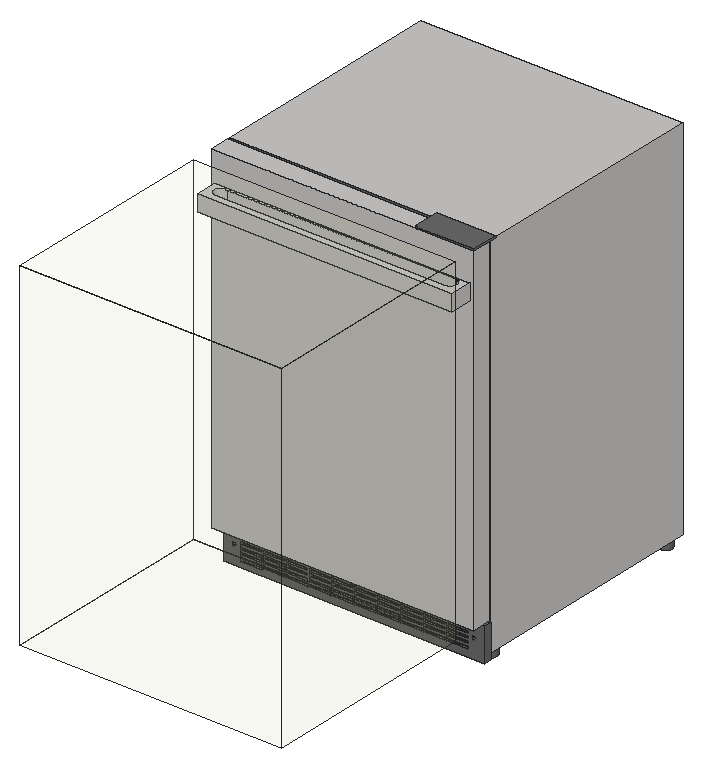
Revit family "P190780JX-257c_JURFR242HM_StainlessSteel_JA_Refrigeration_Undercounter_Specialty", category Specialty Equipment, Revit 2026
Family settings
  Round Connector Dimension = Use Diameter
  Part Type = Normal
  Work Plane-Based = No
  Enable Cutting in Views = No
  Always vertical = Yes
  Cut with Voids When Loaded = No
  Maintain Annotation Orientation = No
  Shared = No
  Room Calculation Point = No
Parameters (values of type "JURFR242HM")
  Width = 23 7/8"
  Voltage = 0 V
  URL = ""
  Show Clearance [instance] = yes
  Model = "JURFR242HM"
  Leg Material = ARCAT - Plastic - Black
  Feature 3 = ""
  Feature 2 = ""
  Feature 1 = ""
  Family Name = ""
  Energy Guide = ""
  Door Material = ARCAT - Metal - Steel - Stainless
  Manufacturer = "Jenn Air"
  Keynote = ""
  Installation-Fabrication = ""
  Height = 34 1/2"
  Handle Material = ARCAT - Metal - Steel - Stainless
  Drawn By = ""
  Dimension Guide = ""
  Description = ""
  Depth = 23 7/8"
  Default Elevation = 0"
  Copyright = ""
  Clearance Material = ARCAT - Clearance
  Body Material = ARCAT - Metal - Steel - Stainless
  Assembly Code = ""
  Amps = 0 A
  Accent Material = ARCAT - Metal - Steel - Black
Reference planes (in)
  plane 1 "Center (Front/Back)": y = 0
  plane 2: z = 0
  plane 3 "Center (Left/Right)": x = 0
  plane 4: z = 34.5
  plane 5: y = -23.875
  plane 6: x = -11.9375
  plane 7: x = 11.9375
Forms (in)
  Extrusion 1, solid, material "ARCAT - Clearance" <- "Clearance Material", visible <- "Show Clearance", detail levels medium+fine
    sketch origin (-29.02372, -21.54257, 27.5) x (1, 0, 0) y (0, 1, 0)
      loop
        line (17.08622, -4.39493) -> (17.08622, -24.26993) -> (40.96122, -24.26993) -> (40.96122, -4.39493) -> (17.08622, -4.39493)
    from -24.23432 to 6.875
  Extrusion 2, solid, material "ARCAT - Metal - Steel - Stainless" <- "Body Material"
    sketch origin (-50.28535, -180, 34.2588) x (-1, 0, 0) y (0, -1, 0)
      loop
        line (-38.34785, -180) -> (-38.34785, -158.125) -> (-62.22285, -158.125) -> (-62.22285, -180) -> (-38.34785, -180)
    from 0.1162 to -33.64345
  Extrusion 3, solid, material "ARCAT - Metal - Steel - Stainless" <- "Door Material"
    sketch origin (-50.28535, -180, 34.375) x (-1, 0, 0) y (0, -1, 0)
      loop
        line (-38.34785, -157.875) -> (-38.34785, -156.125) -> (-62.22285, -156.125) -> (-62.22285, -157.875) -> (-38.34785, -157.875)
    from 0 to -31.10932
  Extrusion 4, solid, material "ARCAT - Metal - Steel - Black" <- "Accent Material"
    sketch origin (11.9375, -21.875, 34.2588) x (-1, 0, 0) y (0, 0, -1)
      loop
        line (23.875, 31.21616) -> (23.875, 34.2588) -> (0, 34.2588) -> (0, 31.21616) -> (23.875, 31.21616)
    from 0.0625 to 0.6625
  Extrusion 5, solid, material "ARCAT - Plastic - Black" <- "Leg Material"
    sketch origin (-50.28535, -180, 0.61535) x (0, -1, 0) y (-1, 0, 0)
      loop
        circle (-158.79568, -38.84785) r 0.5
      loop
        circle (-158.79568, -61.72285) r 0.5
      loop
        circle (-178.79568, -38.84785) r 0.5
      loop
        circle (-178.79568, -61.72285) r 0.5
    from 0 to 0.61535
  Extrusion 6, void
    sketch origin (11.9375, -22.5375, 34.2588) x (1, 0, 0) y (0, 0, -1)
      loop
        line (-22.33654, 31.60951) -> (-20.35216, 31.60951) -> (-20.35216, 31.89631) -> (-22.33654, 31.89631) -> (-22.33654, 31.60951)
      loop
        line (-22.33654, 32.09559) -> (-20.35216, 32.09559) -> (-20.35216, 32.38239) -> (-22.33654, 32.38239) -> (-22.33654, 32.09559)
      loop
        line (-22.33654, 32.51917) -> (-20.35216, 32.51917) -> (-20.35216, 32.80597) -> (-22.33654, 32.80597) -> (-22.33654, 32.51917)
      loop
        line (-22.33654, 32.94276) -> (-20.35216, 32.94276) -> (-20.35216, 33.22955) -> (-22.33654, 33.22955) -> (-22.33654, 32.94276)
      loop
        line (-22.33654, 33.36634) -> (-20.35216, 33.36634) -> (-20.35216, 33.79447) -> (-22.33654, 33.79447) -> (-22.33654, 33.36634)
      loop
        line (-20.24612, 31.60951) -> (-18.26175, 31.60951) -> (-18.26175, 31.89631) -> (-20.24612, 31.89631) -> (-20.24612, 31.60951)
      loop
        line (-20.24612, 32.09559) -> (-18.26175, 32.09559) -> (-18.26175, 32.38239) -> (-20.24612, 32.38239) -> (-20.24612, 32.09559)
      loop
        line (-20.24612, 32.51917) -> (-18.26175, 32.51917) -> (-18.26175, 32.80597) -> (-20.24612, 32.80597) -> (-20.24612, 32.51917)
      loop
        line (-20.24612, 32.94276) -> (-18.26175, 32.94276) -> (-18.26175, 33.22955) -> (-20.24612, 33.22955) -> (-20.24612, 32.94276)
      loop
        line (-20.24612, 33.36634) -> (-18.26175, 33.36634) -> (-18.26175, 33.65314) -> (-20.24612, 33.65314) -> (-20.24612, 33.36634)
      loop
        line (-18.15571, 31.60951) -> (-16.17134, 31.60951) -> (-16.17134, 31.89631) -> (-18.15571, 31.89631) -> (-18.15571, 31.60951)
      loop
        line (-18.15571, 32.09559) -> (-16.17134, 32.09559) -> (-16.17134, 32.38239) -> (-18.15571, 32.38239) -> (-18.15571, 32.09559)
      loop
        line (-18.15571, 32.51917) -> (-16.17134, 32.51917) -> (-16.17134, 32.80597) -> (-18.15571, 32.80597) -> (-18.15571, 32.51917)
      loop
        line (-18.15571, 32.94276) -> (-16.17134, 32.94276) -> (-16.17134, 33.22955) -> (-18.15571, 33.22955) -> (-18.15571, 32.94276)
      loop
        line (-18.15571, 33.36634) -> (-16.17134, 33.36634) -> (-16.17134, 33.65314) -> (-18.15571, 33.65314) -> (-18.15571, 33.36634)
      loop
        line (-16.0653, 31.60951) -> (-14.08093, 31.60951) -> (-14.08093, 31.89631) -> (-16.0653, 31.89631) -> (-16.0653, 31.60951)
      loop
        line (-16.0653, 32.09559) -> (-14.08093, 32.09559) -> (-14.08093, 32.38239) -> (-16.0653, 32.38239) -> (-16.0653, 32.09559)
      loop
        line (-16.0653, 32.51917) -> (-14.08093, 32.51917) -> (-14.08093, 32.80597) -> (-16.0653, 32.80597) -> (-16.0653, 32.51917)
      loop
        line (-16.0653, 32.94276) -> (-14.08093, 32.94276) -> (-14.08093, 33.22955) -> (-16.0653, 33.22955) -> (-16.0653, 32.94276)
      loop
        line (-16.0653, 33.36634) -> (-14.08093, 33.36634) -> (-14.08093, 33.65314) -> (-16.0653, 33.65314) -> (-16.0653, 33.36634)
      loop
        line (-13.97489, 31.60951) -> (-11.99052, 31.60951) -> (-11.99052, 31.89631) -> (-13.97489, 31.89631) -> (-13.97489, 31.60951)
      loop
        line (-13.97489, 32.09559) -> (-11.99052, 32.09559) -> (-11.99052, 32.38239) -> (-13.97489, 32.38239) -> (-13.97489, 32.09559)
      loop
        line (-13.97489, 32.51917) -> (-11.99052, 32.51917) -> (-11.99052, 32.80597) -> (-13.97489, 32.80597) -> (-13.97489, 32.51917)
      loop
        line (-13.97489, 32.94276) -> (-11.99052, 32.94276) -> (-11.99052, 33.22955) -> (-13.97489, 33.22955) -> (-13.97489, 32.94276)
      loop
        line (-13.97489, 33.36634) -> (-11.99052, 33.36634) -> (-11.99052, 33.65314) -> (-13.97489, 33.65314) -> (-13.97489, 33.36634)
      loop
        line (-11.88448, 31.60951) -> (-9.90011, 31.60951) -> (-9.90011, 31.89631) -> (-11.88448, 31.89631) -> (-11.88448, 31.60951)
      loop
        line (-11.88448, 32.09559) -> (-9.90011, 32.09559) -> (-9.90011, 32.38239) -> (-11.88448, 32.38239) -> (-11.88448, 32.09559)
      loop
        line (-11.88448, 32.51917) -> (-9.90011, 32.51917) -> (-9.90011, 32.80597) -> (-11.88448, 32.80597) -> (-11.88448, 32.51917)
      loop
        line (-11.88448, 32.94276) -> (-9.90011, 32.94276) -> (-9.90011, 33.22955) -> (-11.88448, 33.22955) -> (-11.88448, 32.94276)
      loop
        line (-11.88448, 33.36634) -> (-9.90011, 33.36634) -> (-9.90011, 33.65314) -> (-11.88448, 33.65314) -> (-11.88448, 33.36634)
      loop
        line (-9.79407, 31.60951) -> (-7.8097, 31.60951) -> (-7.8097, 31.89631) -> (-9.79407, 31.89631) -> (-9.79407, 31.60951)
      loop
        line (-9.79407, 32.09559) -> (-7.8097, 32.09559) -> (-7.8097, 32.38239) -> (-9.79407, 32.38239) -> (-9.79407, 32.09559)
      loop
        line (-9.79407, 32.51917) -> (-7.8097, 32.51917) -> (-7.8097, 32.80597) -> (-9.79407, 32.80597) -> (-9.79407, 32.51917)
      loop
        line (-9.79407, 32.94276) -> (-7.8097, 32.94276) -> (-7.8097, 33.22955) -> (-9.79407, 33.22955) -> (-9.79407, 32.94276)
      loop
        line (-9.79407, 33.36634) -> (-7.8097, 33.36634) -> (-7.8097, 33.65314) -> (-9.79407, 33.65314) -> (-9.79407, 33.36634)
      loop
        line (-7.70366, 31.60951) -> (-5.71929, 31.60951) -> (-5.71929, 31.89631) -> (-7.70366, 31.89631) -> (-7.70366, 31.60951)
      loop
        line (-7.70366, 32.09559) -> (-5.71929, 32.09559) -> (-5.71929, 32.38239) -> (-7.70366, 32.38239) -> (-7.70366, 32.09559)
      loop
        line (-7.70366, 32.51917) -> (-5.71929, 32.51917) -> (-5.71929, 32.80597) -> (-7.70366, 32.80597) -> (-7.70366, 32.51917)
      loop
        line (-7.70366, 32.94276) -> (-5.71929, 32.94276) -> (-5.71929, 33.22955) -> (-7.70366, 33.22955) -> (-7.70366, 32.94276)
      loop
        line (-7.70366, 33.36634) -> (-5.71929, 33.36634) -> (-5.71929, 33.65314) -> (-7.70366, 33.65314) -> (-7.70366, 33.36634)
      loop
        line (-5.61325, 31.60951) -> (-3.62888, 31.60951) -> (-3.62888, 31.89631) -> (-5.61325, 31.89631) -> (-5.61325, 31.60951)
      loop
        line (-5.61325, 32.09559) -> (-3.62888, 32.09559) -> (-3.62888, 32.38239) -> (-5.61325, 32.38239) -> (-5.61325, 32.09559)
      loop
        line (-5.61325, 32.51917) -> (-3.62888, 32.51917) -> (-3.62888, 32.80597) -> (-5.61325, 32.80597) -> (-5.61325, 32.51917)
      loop
        line (-5.61325, 32.94276) -> (-3.62888, 32.94276) -> (-3.62888, 33.22955) -> (-5.61325, 33.22955) -> (-5.61325, 32.94276)
      loop
        line (-5.61325, 33.36634) -> (-3.62888, 33.36634) -> (-3.62888, 33.65314) -> (-5.61325, 33.65314) -> (-5.61325, 33.36634)
      loop
        line (-3.52284, 31.60951) -> (-1.53846, 31.60951) -> (-1.53846, 31.89631) -> (-3.52284, 31.89631) -> (-3.52284, 31.60951)
      loop
        line (-3.52284, 32.09559) -> (-1.53846, 32.09559) -> (-1.53846, 32.38239) -> (-3.52284, 32.38239) -> (-3.52284, 32.09559)
      loop
        line (-3.52284, 32.51917) -> (-1.53846, 32.51917) -> (-1.53846, 32.80597) -> (-3.52284, 32.80597) -> (-3.52284, 32.51917)
      loop
        line (-3.52284, 32.94276) -> (-1.53846, 32.94276) -> (-1.53846, 33.22955) -> (-3.52284, 33.22955) -> (-3.52284, 32.94276)
      loop
        line (-3.52284, 33.36634) -> (-1.53846, 33.36634) -> (-1.53846, 33.65314) -> (-3.52284, 33.65314) -> (-3.52284, 33.36634)
      loop
        circle (-22.88309, 32.51917) r 0.16482
      loop
        circle (-0.99191, 32.51917) r 0.16482
    from 0 to 0.25
  Extrusion 7, solid, material "ARCAT - Metal - Steel - Stainless" <- "Body Material"
    sketch origin (-11.9375, 0, 35.2588) x (1, 0, 0) y (0, 0, -1)
      loop
        circle (11.99052, 33.71463) r 0.25
    from 0 to 0.03125
  Extrusion 8, solid, material "ARCAT - Metal - Steel - Stainless" <- "Body Material"
    sketch origin (26.29514, -38.06443, 21.66164) x (0, 0, -1) y (0, 1, 0)
      loop
        line (-9.96408, 14.18943) -> (-9.96408, 12.12693) -> (-8.50086, 12.12693) -> (-8.50086, 14.18943) -> (-9.96408, 14.18943)
    from -37.92014 to -14.67014
  Extrusion 9, void
    sketch origin (4.875, 5.625, 38.17275) x (1, 0, 0) y (0, 1, 0)
      loop
        line (5.58099, -29.69902) -> (-15.33099, -29.69902)
        arc (-15.33099, -29.69902) -> (-15.96279, -30.33081) -> (-15.33099, -30.96261) r 0.6318
        line (-15.33099, -30.96261) -> (5.58099, -30.96261)
        arc (5.58099, -30.96261) -> (6.21279, -30.33081) -> (5.58099, -29.69902) r 0.6318
    from -8.01026 to -6.54703
  Extrusion 10, solid, material "ARCAT - Metal - Steel - Black" <- "Accent Material"
    sketch origin (11.9375, -22.5375, 34.2588) x (-1, 0, 0) y (0, 0, -1)
      loop
        line (9.89275, 30.99312) -> (12.72756, 30.99312) -> (12.72756, 31.30902) -> (14.0314, 31.30902) -> (14.0314, 31.74312) -> (12.2221, 31.74312)
        arc (12.2221, 31.74312) -> (11.96208, 31.48309) -> (11.70205, 31.74312) r 0.26003
        line (11.70205, 31.74312) -> (9.89275, 31.74312) -> (9.89275, 30.99312)
    from 0 to 0.07096
  Extrusion 11, solid, material "ARCAT - Metal - Steel - Black" <- "Accent Material"
    sketch origin (11.9375, -22.60846, 34.2588) x (-1, 0, 0) y (0, 0, -1)
      loop
        circle (11.96208, 31.74312) r 0.26003
      loop
        circle (11.96208, 31.74312) r 0.20126
    from 0 to -0.07096
  Extrusion 12, solid, material "ARCAT - Metal - Steel - Black" <- "Accent Material"
    sketch origin (11.57098, -22.60846, 34.56635) x (-1, 0, 0) y (0, 0, -1)
      loop
        circle (11.59556, 32.05066) r 0.20126
    from 0 to -0.07096
  Extrusion 13, solid, material "ARCAT - Metal - Steel - Black" <- "Accent Material"
    sketch origin (50.28535, -180, 34.375) x (1, 0, 0) y (0, 1, 0)
      loop
        line (-38.34785, 156.125) -> (-38.34785, 158.625) -> (-43.70236, 158.625) -> (-43.70236, 156.375)
        arc (-43.70236, 156.375) -> (-43.62914, 156.19822) -> (-43.45236, 156.125) r 0.25
        line (-43.45236, 156.125) -> (-38.34785, 156.125)
    from 0.125 to 0
Cuts and joins
  Extrusion 6 cuts Extrusion 4
  Extrusion 9 cuts Extrusion 1
  Extrusion 9 cuts Extrusion 8
Lines and regions (in)
  symbolic lines, style "SpecialityEquipment"
    curve 1: line (-11.9375, -23.875, 30.387) -> (11.9375, -23.875, 30.387)
    curve 2: line (-11.9375, 0, 30.387) -> (-11.9375, -23.875, 30.387)
    curve 3: line (11.9375, 0, 30.387) -> (11.9375, -23.875, 30.387)
    curve 4: line (11.9375, 0, 30.387) -> (-11.9375, 0, 30.387)
    curve 5: line (-11.625, -23.875, 30.387) -> (-11.625, -25.9375, 30.387)
    curve 6: line (11.625, -25.9375, 30.387) -> (11.625, -23.875, 30.387)
    curve 7: line (11.625, -25.9375, 30.387) -> (-11.625, -25.9375, 30.387)
    curve 8: line (10.45599, -25.33761, 30.387) -> (-10.45599, -25.33761, 30.387)
    curve 9: arc (-10.45599, -25.33761, 30.387) -> (-11.08779, -24.70581, 30.387) -> (-10.45599, -24.07402, 30.387) r 0.6318
    curve 10: line (-10.45599, -24.07402, 30.387) -> (10.45599, -24.07402, 30.387)
    curve 11: arc (10.45599, -24.07402, 30.387) -> (11.08779, -24.70581, 30.387) -> (10.45599, -25.33761, 30.387) r 0.6318
Dimensions and locks (in)
  "Height": plane 4 to plane 2
  "Depth": plane 5 to plane 1 "Center (Front/Back)"
  equal spacing: plane 6, plane 3 "Center (Left/Right)", plane 7
  "Width": plane 6 to plane 7
  aligned and locked: level to plane 2
Automatic sketch dimensions
  Extrusion 1 sketch curve to plane 6 = 0"
  Extrusion 1 sketch curve to plane 7 = 0"
  plane 5 to Extrusion 1 sketch curve = 21 15/16"
  plane 5 to Extrusion 1 sketch curve = 2 1/16"
  plane 1 "Center (Front/Back)" to Extrusion 2 sketch curve = 0"
  Extrusion 2 sketch curve to plane 7 = 0"
  Extrusion 2 sketch curve to plane 6 = 0"
  Extrusion 2 sketch curve to plane 5 = 2"
  Extrusion 3 sketch curve to Extrusion 2 = 0"  (x2)
  Extrusion 2 to Extrusion 3 sketch curve = 1/4"
  Extrusion 3 sketch curve to Extrusion 3 sketch curve = 1 3/4"
  Extrusion 4 sketch curve to Extrusion 2 = 0"
  Extrusion 2 to Extrusion 4 sketch curve = 0"
  Extrusion 2 to Extrusion 4 sketch curve = 2.42729"
  Extrusion 4 sketch curve to Extrusion 2 = 0.61535"
  Extrusion 2 to Extrusion 5 sketch curve = 1/2"  (x4)
  Extrusion 2 to Extrusion 5 sketch curve = 1.20432"  (x2)
  Extrusion 2 to Extrusion 5 sketch curve = 0.67068"  (x2)
  Extrusion 4 to Extrusion 6 sketch curve = 0.99191"
  Extrusion 4 to Extrusion 6 sketch curve = 0.39335"  (x2)
  Extrusion 6 sketch curve to Extrusion 6 sketch curve = 0.54656"  (x3)
  Extrusion 4 to Extrusion 6 sketch curve = 0.46433"
  Extrusion 6 sketch curve to Extrusion 6 sketch curve = 0"  (x96)
  Extrusion 6 sketch curve to Extrusion 6 sketch curve = 1 63/64"  (x9)
  Extrusion 6 sketch curve to Extrusion 6 sketch curve = 0.10604"  (x45)
  Extrusion 4 to Extrusion 6 sketch curve = 1.53846"
  Extrusion 6 sketch curve to Extrusion 6 sketch curve = 0.2868"  (x24)
  Extrusion 6 sketch curve to Extrusion 6 sketch curve = 0.19929"  (x5)
  Extrusion 6 sketch curve to Extrusion 6 sketch curve = 0.13679"  (x17)
  Extrusion 2 to Extrusion 7 sketch curve = 0.92882"
  Extrusion 7 sketch curve to Extrusion 2 = 11.88448"
  plane 5 to curve 1 = 0"
  curve 1 to plane 7 = 0"
  curve 2 to plane 6 = 0"
  plane 1 "Center (Front/Back)" to curve 4 = 0"
  curve 7 to plane 7 = 5/16"
  curve 6 to curve 8 = 1.16901"
  plane 5 to curve 10 = 0.19902"
  plane 6 to curve 10 = 1.48151"
  plane 6 to curve 5 = 5/16"
  curve 10 to curve 9 = 0.6318"
  curve 11 to curve 6 = 0.59989"
  Extrusion 8 sketch curve to plane 5 = 0"
  Extrusion 8 sketch curve to plane 4 = 2.87428"
  Extrusion 8 sketch curve to Extrusion 8 sketch curve = 1.46323"
  Extrusion 8 sketch curve to Extrusion 8 sketch curve = 2 1/16"
  plane 5 to Extrusion 9 sketch curve = 0.19902"
  plane 6 to Extrusion 9 sketch curve = 1.48151"
  Extrusion 9 sketch curve to plane 7 = 1.48151"
  Extrusion 9 sketch curve to Extrusion 9 sketch curve = 0.6318"
  Extrusion 4 to Extrusion 10 sketch curve = 0.22304"
  Extrusion 10 sketch curve to Extrusion 4 = 9.89275"
  Extrusion 10 sketch curve to Extrusion 4 = 0.52696"
  Extrusion 10 sketch curve to Extrusion 10 sketch curve = 1.8093"
  Extrusion 10 sketch curve to Extrusion 10 sketch curve = 0.26003"
  Extrusion 10 sketch curve to Extrusion 10 sketch curve = 0.50546"
  Extrusion 10 sketch curve to Extrusion 10 sketch curve = 1.30384"
  Extrusion 10 sketch curve to Extrusion 4 = 0.09286"
  plane 5 to Extrusion 13 sketch curve = 0"
  Extrusion 13 sketch curve to plane 7 = 0"
  Extrusion 13 sketch curve to Extrusion 13 sketch curve = 5.10451"
  Extrusion 13 sketch curve to Extrusion 13 sketch curve = 1/4"
  Extrusion 13 sketch curve to Extrusion 13 sketch curve = 2 1/4"
  radius of Extrusion 5 sketch curve = 1/2"  (x4)
  radius of Extrusion 6 sketch curve = 0.16482"  (x2)
  radius of Extrusion 7 sketch curve = 1/4"
  radius of Extrusion 11 sketch curve to Extrusion 10 = 0"
  radius of Extrusion 11 sketch curve to Extrusion 10 = 0.05877"
  radius of Extrusion 12 sketch curve to Extrusion 10 = 0.05877"
Connectors (in)
  electrical at (0.05302, 0.03125, 1.54417), driven by "Voltage"
    settings: on Extrusion 7, index 1, voltage 0 V, apparent load 0 VA, apparent load phase1 0 VA, apparent load phase2 0 VA, apparent load phase3 0 VA, power factor 1, load classification "Other", number of poles 1, system type 30, power factor state 1, is connector primary yes, connector utility no, sub classification motor no, connector description "Electrical Connection"
